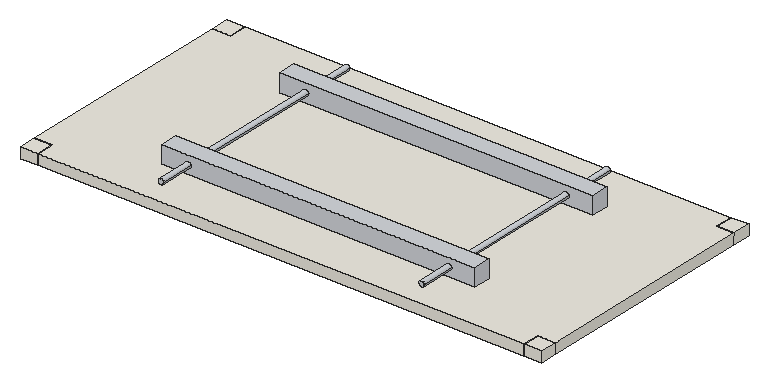
Revit family "LED-PL-CSVT", category Осветительные приборы, Revit 2019 (continued)
Types (9, lengths in mm): name | built-in parameter 1150134 | Файл фотометрической сетки | built-in parameter 1150105 | Lumens | built-in parameter 1150106 | built-in parameter 1150142 | Wattage | built-in parameter 1150107 | Emit from Rectangle Width | Emit from Rectangle Length | Длина | Ширина | L1 | L | ADSK_Ток | ADSK_Полная мощность | ADSK_Обозначение | ADSK_Номинальная мощность | ADSK_Наименование | ADSK_Масса | ADSK_Код изделия
  LED PL-CSVT-18 295x595 х10 (KROKUS) (IP54/IP20, 4000K, белый) | 12 | "Светильник LED-PL-CSVT-18-(295х595).IES" | 135.28 (stored number, unit not read) | 1700 lm | 1.3528 (stored number, unit not read) | "IESNA:LM-63-95\r\n[TEST] Протокол №86\r\n[DATA] 02.08.2016\r\n[MORE] \r\n[MANUFAC] ЗАО \"Центрстройсвет\"\r\n[LUMCAT]  Светильник LED-PL-CSVT-18-(295х595)\r\n[LUMINAIRE]\r\n[LAMPCAT] Светодиоды\r\n[LAMP] Поток источника света (светодиодов) не известен\r\n[MORE] КСС приведена в абсолютных величинах кд\r\n[MORE] Вместо потока лампы, указан поток светильника.\r\nTILT=NONE\r\n1    1680 1.0 37 73 1 2 0.295 0.595 0.010\r\n1.0 1.0 19.8\r\n0.0 5.0 10.0 15.0 20.0 25.0 30.0 35.0 40.0 45.0 50.0 55.0 60.0 65.0 70.0 75.0 80.0 85.0 90.0 95.0 100.0 105.0 110.0 115.0 120.0 125.0 130.0 135.0 140.0 145.0 150.0 155.0 160.0 165.0 170.0 175.0 180.0\r\n0.0 5.0 10.0 15.0 20.0 25.0 30.0 35.0 40.0 45.0 50.0 55.0 60.0 65.0 70.0 75.0 80.0 85.0 90.0 95.0 100.0 105.0 110.0 115.0 120.0 125.0 130.0 135.0 140.0 145.0 150.0 155.0 160.0 165.0 170.0 175.0 180.0 185.0 190.0 195.0 200.0 205.0 210.0 215.0 220.0 225.0 230.0 235.0 240.0 245.0 250.0 255.0 260.0 265.0 270.0 275.0 280.0 285.0 290.0 295.0 300.0 305.0 310.0 315.0 320.0 325.0 330.0 335.0 340.0 345.0 350.0 355.0 360.0\r\n598.8 594.8 584.5 569.0 548.6 523.0 492.1 458.6 424.1 383.3 341.3 298.3 252.3 205.5 159.3 113.1 70.5 33.1 4.6 0.0 0.0 0.0 0.0 0.0 0.0 0.0 0.0 0.0 0.0 0.0 0.0 0.0 0.0 0.0 0.0 0.0 0.0\r\n598.8 595.2 585.3 570.2 548.3 522.0 493.5 460.0 422.7 383.1 340.5 297.3 252.1 205.3 159.2 113.7 70.7 33.1 4.6 0.0 0.0 0.0 0.0 0.0 0.0 0.0 0.0 0.0 0.0 0.0 0.0 0.0 0.0 0.0 0.0 0.0 0.0\r\n598.8 595.5 584.8 569.2 548.6 523.2 493.6 459.3 423.0 382.6 341.8 298.9 252.3 205.8 159.3 113.8 71.0 33.3 4.5 0.0 0.0 0.0 0.0 0.0 0.0 0.0 0.0 0.0 0.0 0.0 0.0 0.0 0.0 0.0 0.0 0.0 0.0\r\n598.8 595.6 584.7 568.8 548.2 523.1 493.1 461.1 423.7 384.9 341.8 298.9 252.5 205.6 159.0 113.5 71.0 32.9 4.4 0.0 0.0 0.0 0.0 0.0 0.0 0.0 0.0 0.0 0.0 0.0 0.0 0.0 0.0 0.0 0.0 0.0 0.0\r\n598.8 595.4 584.7 569.0 547.9 522.2 493.8 461.5 424.3 385.5 342.4 298.9 252.8 205.9 158.7 113.0 70.5 32.7 4.1 0.0 0.0 0.0 0.0 0.0 0.0 0.0 0.0 0.0 0.0 0.0 0.0 0.0 0.0 0.0 0.0 0.0 0.0\r\n598.8 595.2 584.5 568.6 549.0 523.6 495.8 460.9 424.8 384.8 342.5 297.6 252.5 205.0 158.6 113.3 70.2 32.4 3.9 0.0 0.0 0.0 0.0 0.0 0.0 0.0 0.0 0.0 0.0 0.0 0.0 0.0 0.0 0.0 0.0 0.0 0.0\r\n598.8 595.0 585.1 569.9 548.6 526.0 494.9 460.6 423.7 385.8 343.0 298.0 251.9 205.2 158.1 113.1 70.2 32.1 3.9 0.0 0.0 0.0 0.0 0.0 0.0 0.0 0.0 0.0 0.0 0.0 0.0 0.0 0.0 0.0 0.0 0.0 0.0\r\n598.8 595.0 584.7 571.5 550.3 524.1 494.6 460.8 423.4 384.6 342.7 298.0 252.0 204.7 158.1 112.5 70.0 31.9 3.7 0.0 0.0 0.0 0.0 0.0 0.0 0.0 0.0 0.0 0.0 0.0 0.0 0.0 0.0 0.0 0.0 0.0 0.0\r\n598.8 594.9 584.7 569.9 550.4 525.0 494.7 460.9 425.3 385.8 342.2 297.9 251.7 204.8 158.3 112.5 69.7 31.8 3.5 0.0 0.0 0.0 0.0 0.0 0.0 0.0 0.0 0.0 0.0 0.0 0.0 0.0 0.0 0.0 0.0 0.0 0.0\r\n598.8 594.9 584.7 569.7 550.4 524.8 494.7 460.9 425.3 384.1 343.5 297.1 251.5 204.4 157.6 112.6 70.0 31.2 3.3 0.0 0.0 0.0 0.0 0.0 0.0 0.0 0.0 0.0 0.0 0.0 0.0 0.0 0.0 0.0 0.0 0.0 0.0\r\n598.8 594.9 585.4 570.9 550.9 525.2 495.9 461.4 423.6 385.1 342.8 297.8 251.4 204.2 157.9 112.1 69.6 31.2 3.0 0.0 0.0 0.0 0.0 0.0 0.0 0.0 0.0 0.0 0.0 0.0 0.0 0.0 0.0 0.0 0.0 0.0 0.0\r\n598.8 595.0 585.5 571.2 551.5 524.9 494.7 461.2 424.8 384.2 342.4 297.7 251.7 204.1 157.1 112.5 69.6 30.9 2.9 0.0 0.0 0.0 0.0 0.0 0.0 0.0 0.0 0.0 0.0 0.0 0.0 0.0 0.0 0.0 0.0 0.0 0.0\r\n598.8 594.9 585.2 571.3 550.4 525.5 497.2 462.9 426.0 385.0 342.2 296.8 252.2 205.5 157.2 111.9 69.7 30.7 2.8 0.0 0.0 0.0 0.0 0.0 0.0 0.0 0.0 0.0 0.0 0.0 0.0 0.0 0.0 0.0 0.0 0.0 0.0\r\n598.8 594.9 585.2 571.8 551.1 525.0 496.2 462.5 424.8 386.6 343.1 298.4 251.6 205.2 157.6 111.8 69.7 30.3 2.7 0.0 0.0 0.0 0.0 0.0 0.0 0.0 0.0 0.0 0.0 0.0 0.0 0.0 0.0 0.0 0.0 0.0 0.0\r\n598.8 595.2 585.8 572.4 551.2 527.1 496.5 462.5 425.3 385.1 342.8 298.0 252.3 204.8 157.7 111.7 69.5 30.0 2.7 0.0 0.0 0.0 0.0 0.0 0.0 0.0 0.0 0.0 0.0 0.0 0.0 0.0 0.0 0.0 0.0 0.0 0.0\r\n598.8 595.6 587.0 572.4 551.5 525.2 496.2 463.1 426.4 385.3 342.9 297.7 251.8 205.1 157.7 111.8 69.2 30.0 2.3 0.0 0.0 0.0 0.0 0.0 0.0 0.0 0.0 0.0 0.0 0.0 0.0 0.0 0.0 0.0 0.0 0.0 0.0\r\n598.8 595.8 587.6 573.6 551.1 526.4 496.9 462.5 425.3 386.9 343.8 298.1 251.4 205.5 157.5 111.9 68.9 29.9 1.8 0.0 0.0 0.0 0.0 0.0 0.0 0.0 0.0 0.0 0.0 0.0 0.0 0.0 0.0 0.0 0.0 0.0 0.0\r\n598.8 596.0 587.2 573.2 552.0 526.6 496.8 463.3 425.6 386.0 343.7 298.4 251.6 205.1 157.0 111.4 68.9 29.6 1.7 0.0 0.0 0.0 0.0 0.0 0.0 0.0 0.0 0.0 0.0 0.0 0.0 0.0 0.0 0.0 0.0 0.0 0.0\r\n598.8 596.1 587.5 572.5 552.9 527.1 497.6 464.5 426.8 385.4 344.8 298.9 252.3 206.0 157.1 111.0 68.8 29.2 1.7 0.0 0.0 0.0 0.0 0.0 0.0 0.0 0.0 0.0 0.0 0.0 0.0 0.0 0.0 0.0 0.0 0.0 0.0\r\n598.8 596.3 587.8 572.7 552.3 528.3 496.9 464.4 427.2 385.9 344.4 298.2 251.7 204.9 156.6 111.0 68.1 28.9 1.2 0.0 0.0 0.0 0.0 0.0 0.0 0.0 0.0 0.0 0.0 0.0 0.0 0.0 0.0 0.0 0.0 0.0 0.0\r\n598.8 596.4 589.0 573.0 553.9 527.4 497.4 463.9 425.4 386.5 344.2 298.1 251.7 204.4 156.3 110.6 67.7 28.3 1.2 0.0 0.0 0.0 0.0 0.0 0.0 0.0 0.0 0.0 0.0 0.0 0.0 0.0 0.0 0.0 0.0 0.0 0.0\r\n598.8 596.4 589.4 572.9 552.6 527.7 498.1 464.4 427.5 387.5 343.1 297.8 251.6 204.6 156.2 109.9 67.1 27.6 1.4 0.0 0.0 0.0 0.0 0.0 0.0 0.0 0.0 0.0 0.0 0.0 0.0 0.0 0.0 0.0 0.0 0.0 0.0\r\n598.8 596.6 589.1 573.6 553.5 528.2 499.1 463.7 427.4 387.7 344.1 298.2 251.7 204.1 155.7 109.4 66.7 27.2 1.2 0.0 0.0 0.0 0.0 0.0 0.0 0.0 0.0 0.0 0.0 0.0 0.0 0.0 0.0 0.0 0.0 0.0 0.0\r\n598.8 596.8 589.8 574.5 554.4 529.0 498.3 466.1 428.9 388.7 345.0 299.7 252.1 204.0 155.4 109.4 66.1 26.8 1.0 0.0 0.0 0.0 0.0 0.0 0.0 0.0 0.0 0.0 0.0 0.0 0.0 0.0 0.0 0.0 0.0 0.0 0.0\r\n598.8 597.3 590.2 574.2 553.1 530.5 500.5 466.1 426.7 387.9 344.5 299.0 251.1 203.8 155.6 108.5 65.4 26.2 1.0 0.0 0.0 0.0 0.0 0.0 0.0 0.0 0.0 0.0 0.0 0.0 0.0 0.0 0.0 0.0 0.0 0.0 0.0\r\n598.8 597.7 590.8 576.5 554.7 529.6 500.8 466.6 428.7 387.7 346.2 298.8 251.4 203.4 154.5 108.2 65.2 26.0 0.9 0.0 0.0 0.0 0.0 0.0 0.0 0.0 0.0 0.0 0.0 0.0 0.0 0.0 0.0 0.0 0.0 0.0 0.0\r\n598.8 598.1 591.8 576.6 555.8 530.8 500.5 468.0 430.6 388.6 345.1 298.6 251.7 203.3 154.6 108.0 64.5 25.9 0.6 0.0 0.0 0.0 0.0 0.0 0.0 0.0 0.0 0.0 0.0 0.0 0.0 0.0 0.0 0.0 0.0 0.0 0.0\r\n598.8 598.3 592.5 576.5 556.1 531.3 500.9 466.7 430.1 390.1 344.8 299.4 251.4 203.3 154.6 108.3 63.8 25.5 0.6 0.0 0.0 0.0 0.0 0.0 0.0 0.0 0.0 0.0 0.0 0.0 0.0 0.0 0.0 0.0 0.0 0.0 0.0\r\n598.8 598.5 593.2 578.2 556.5 532.1 502.8 468.0 431.5 389.3 345.6 299.8 251.5 203.9 154.7 107.7 63.4 25.2 0.8 0.0 0.0 0.0 0.0 0.0 0.0 0.0 0.0 0.0 0.0 0.0 0.0 0.0 0.0 0.0 0.0 0.0 0.0\r\n598.8 598.7 593.3 577.9 558.2 532.3 502.2 468.8 431.5 389.9 345.3 300.2 251.6 203.7 154.2 107.4 63.7 25.0 0.9 0.0 0.0 0.0 0.0 0.0 0.0 0.0 0.0 0.0 0.0 0.0 0.0 0.0 0.0 0.0 0.0 0.0 0.0\r\n598.8 599.1 593.3 577.9 557.7 533.9 503.7 469.2 430.5 391.0 346.7 299.7 252.6 203.3 154.3 107.0 63.3 24.8 0.9 0.0 0.0 0.0 0.0 0.0 0.0 0.0 0.0 0.0 0.0 0.0 0.0 0.0 0.0 0.0 0.0 0.0 0.0\r\n598.8 599.4 593.5 578.3 559.3 533.1 503.4 469.8 432.7 391.5 347.8 300.5 252.1 203.4 154.7 107.4 63.1 24.9 0.8 0.0 0.0 0.0 0.0 0.0 0.0 0.0 0.0 0.0 0.0 0.0 0.0 0.0 0.0 0.0 0.0 0.0 0.0\r\n598.8 599.5 593.5 579.9 560.4 535.5 504.9 471.6 433.3 392.1 347.4 301.6 253.2 202.9 154.7 107.6 63.2 24.7 0.9 0.0 0.0 0.0 0.0 0.0 0.0 0.0 0.0 0.0 0.0 0.0 0.0 0.0 0.0 0.0 0.0 0.0 0.0\r\n598.8 599.5 593.3 580.8 561.3 535.7 506.6 471.4 436.0 394.2 348.8 301.9 254.1 204.3 154.8 107.5 63.1 24.9 0.8 0.0 0.0 0.0 0.0 0.0 0.0 0.0 0.0 0.0 0.0 0.0 0.0 0.0 0.0 0.0 0.0 0.0 0.0\r\n598.8 599.3 593.1 579.9 561.2 536.6 506.3 472.9 434.7 393.6 349.4 302.4 254.9 205.1 156.2 107.8 63.3 25.1 0.9 0.0 0.0 0.0 0.0 0.0 0.0 0.0 0.0 0.0 0.0 0.0 0.0 0.0 0.0 0.0 0.0 0.0 0.0\r\n598.8 599.3 594.3 580.9 560.8 536.6 507.4 474.4 436.0 394.1 349.7 302.4 254.8 205.8 155.9 107.9 63.1 24.9 1.1 0.0 0.0 0.0 0.0 0.0 0.0 0.0 0.0 0.0 0.0 0.0 0.0 0.0 0.0 0.0 0.0 0.0 0.0\r\n598.8 599.3 594.5 581.4 561.4 537.0 508.0 473.3 436.5 393.5 350.2 304.2 255.0 205.9 156.3 107.8 63.1 24.8 1.1 0.0 0.0 0.0 0.0 0.0 0.0 0.0 0.0 0.0 0.0 0.0 0.0 0.0 0.0 0.0 0.0 0.0 0.0\r\n598.8 599.1 593.9 580.8 562.4 537.3 508.6 473.7 436.2 395.9 349.8 303.5 254.7 205.7 156.3 107.9 63.2 24.7 1.1 0.0 0.0 0.0 0.0 0.0 0.0 0.0 0.0 0.0 0.0 0.0 0.0 0.0 0.0 0.0 0.0 0.0 0.0\r\n598.8 598.7 593.3 582.0 561.8 538.1 508.6 474.9 436.7 395.6 349.5 303.1 254.9 204.6 155.9 107.7 62.9 24.5 1.3 0.0 0.0 0.0 0.0 0.0 0.0 0.0 0.0 0.0 0.0 0.0 0.0 0.0 0.0 0.0 0.0 0.0 0.0\r\n598.8 598.4 593.3 580.3 562.2 538.7 507.4 472.9 435.1 393.7 349.8 303.3 254.5 205.3 155.8 108.1 63.2 24.9 1.3 0.0 0.0 0.0 0.0 0.0 0.0 0.0 0.0 0.0 0.0 0.0 0.0 0.0 0.0 0.0 0.0 0.0 0.0\r\n598.8 598.4 593.6 581.4 561.5 537.4 508.6 474.8 434.5 394.8 349.7 303.5 255.0 205.5 156.3 108.4 63.6 25.2 1.3 0.0 0.0 0.0 0.0 0.0 0.0 0.0 0.0 0.0 0.0 0.0 0.0 0.0 0.0 0.0 0.0 0.0 0.0\r\n598.8 598.6 593.0 581.3 561.7 536.4 506.6 473.5 435.6 394.1 350.3 303.1 254.5 205.3 156.6 109.1 64.2 25.6 1.3 0.0 0.0 0.0 0.0 0.0 0.0 0.0 0.0 0.0 0.0 0.0 0.0 0.0 0.0 0.0 0.0 0.0 0.0\r\n598.8 598.7 592.3 580.0 560.5 536.9 506.6 471.7 434.4 393.4 349.9 303.7 255.6 205.7 156.8 109.4 65.0 25.8 1.4 0.0 0.0 0.0 0.0 0.0 0.0 0.0 0.0 0.0 0.0 0.0 0.0 0.0 0.0 0.0 0.0 0.0 0.0\r\n598.8 598.7 592.5 580.1 560.4 534.7 505.9 472.0 435.8 393.7 350.1 304.1 255.8 206.5 157.3 109.6 65.5 26.5 1.5 0.0 0.0 0.0 0.0 0.0 0.0 0.0 0.0 0.0 0.0 0.0 0.0 0.0 0.0 0.0 0.0 0.0 0.0\r\n598.8 598.6 591.9 579.0 559.6 534.9 505.0 471.8 434.4 394.6 348.9 303.8 255.3 207.0 157.1 110.6 66.4 26.9 1.6 0.0 0.0 0.0 0.0 0.0 0.0 0.0 0.0 0.0 0.0 0.0 0.0 0.0 0.0 0.0 0.0 0.0 0.0\r\n598.8 598.4 591.7 578.5 559.1 535.7 505.7 472.2 434.4 392.6 348.4 304.3 256.0 207.2 158.3 110.6 66.7 27.6 1.6 0.0 0.0 0.0 0.0 0.0 0.0 0.0 0.0 0.0 0.0 0.0 0.0 0.0 0.0 0.0 0.0 0.0 0.0\r\n598.8 598.2 591.6 577.5 558.8 534.0 505.2 471.6 434.4 392.9 351.0 303.8 255.8 208.1 158.6 111.8 67.7 28.0 1.9 0.0 0.0 0.0 0.0 0.0 0.0 0.0 0.0 0.0 0.0 0.0 0.0 0.0 0.0 0.0 0.0 0.0 0.0\r\n598.8 598.0 591.2 577.8 558.4 533.1 503.8 471.9 434.2 393.7 350.1 304.1 256.2 207.7 159.6 112.1 68.2 28.7 2.0 0.0 0.0 0.0 0.0 0.0 0.0 0.0 0.0 0.0 0.0 0.0 0.0 0.0 0.0 0.0 0.0 0.0 0.0\r\n598.8 597.9 591.4 576.9 558.8 533.9 505.0 470.3 434.3 393.3 349.7 304.5 257.3 208.7 159.8 112.6 69.1 29.3 2.1 0.0 0.0 0.0 0.0 0.0 0.0 0.0 0.0 0.0 0.0 0.0 0.0 0.0 0.0 0.0 0.0 0.0 0.0\r\n598.8 597.9 591.0 576.1 558.0 532.9 503.5 471.0 433.5 393.1 349.7 305.1 257.1 209.4 160.3 113.5 70.3 29.5 2.5 0.0 0.0 0.0 0.0 0.0 0.0 0.0 0.0 0.0 0.0 0.0 0.0 0.0 0.0 0.0 0.0 0.0 0.0\r\n598.8 597.7 590.6 575.8 556.3 532.6 503.2 470.1 433.6 392.2 350.2 303.7 256.4 208.8 160.5 113.7 70.8 30.5 2.7 0.0 0.0 0.0 0.0 0.0 0.0 0.0 0.0 0.0 0.0 0.0 0.0 0.0 0.0 0.0 0.0 0.0 0.0\r\n598.8 597.6 590.6 576.2 557.1 531.6 502.2 469.0 432.6 393.0 350.8 304.9 257.5 210.3 162.0 113.9 71.5 31.3 2.8 0.0 0.0 0.0 0.0 0.0 0.0 0.0 0.0 0.0 0.0 0.0 0.0 0.0 0.0 0.0 0.0 0.0 0.0\r\n598.8 597.3 590.2 576.7 555.9 531.1 503.3 469.2 432.2 393.5 349.4 304.2 257.2 210.2 162.2 114.3 72.0 31.8 3.0 0.0 0.0 0.0 0.0 0.0 0.0 0.0 0.0 0.0 0.0 0.0 0.0 0.0 0.0 0.0 0.0 0.0 0.0\r\n598.8 597.1 589.5 575.8 556.4 531.5 500.9 469.3 432.9 391.3 349.1 303.6 256.7 210.4 162.3 115.4 72.6 32.0 3.3 0.0 0.0 0.0 0.0 0.0 0.0 0.0 0.0 0.0 0.0 0.0 0.0 0.0 0.0 0.0 0.0 0.0 0.0\r\n598.8 597.1 589.6 575.3 556.3 530.6 502.8 468.8 431.1 390.8 348.9 305.3 257.7 210.2 163.2 115.3 73.3 32.5 3.5 0.0 0.0 0.0 0.0 0.0 0.0 0.0 0.0 0.0 0.0 0.0 0.0 0.0 0.0 0.0 0.0 0.0 0.0\r\n598.8 597.1 589.4 575.7 555.0 529.9 500.9 468.6 433.6 391.2 348.1 304.9 256.6 210.0 162.4 115.7 73.2 33.1 3.5 0.0 0.0 0.0 0.0 0.0 0.0 0.0 0.0 0.0 0.0 0.0 0.0 0.0 0.0 0.0 0.0 0.0 0.0\r\n598.8 596.9 589.1 575.3 555.0 529.0 501.2 467.9 430.7 390.5 348.6 304.5 256.7 209.9 163.2 115.7 73.5 33.2 3.6 0.0 0.0 0.0 0.0 0.0 0.0 0.0 0.0 0.0 0.0 0.0 0.0 0.0 0.0 0.0 0.0 0.0 0.0\r\n598.8 596.6 588.9 574.0 554.1 529.3 499.8 467.3 430.1 390.3 347.4 303.1 256.7 210.3 162.2 116.1 73.3 33.3 3.8 0.0 0.0 0.0 0.0 0.0 0.0 0.0 0.0 0.0 0.0 0.0 0.0 0.0 0.0 0.0 0.0 0.0 0.0\r\n598.8 596.6 588.7 574.2 554.6 530.6 500.4 466.1 429.8 390.5 347.4 302.8 256.6 210.7 162.5 115.7 73.4 33.4 3.9 0.0 0.0 0.0 0.0 0.0 0.0 0.0 0.0 0.0 0.0 0.0 0.0 0.0 0.0 0.0 0.0 0.0 0.0\r\n598.8 596.8 588.4 574.2 553.9 528.3 499.5 466.8 429.5 389.1 347.0 303.4 256.2 209.1 162.4 115.4 73.3 33.6 4.0 0.0 0.0 0.0 0.0 0.0 0.0 0.0 0.0 0.0 0.0 0.0 0.0 0.0 0.0 0.0 0.0 0.0 0.0\r\n598.8 596.7 588.0 573.3 553.0 528.7 499.8 465.0 428.2 388.6 347.2 302.0 255.2 208.9 161.7 115.9 73.3 33.3 4.2 0.0 0.0 0.0 0.0 0.0 0.0 0.0 0.0 0.0 0.0 0.0 0.0 0.0 0.0 0.0 0.0 0.0 0.0\r\n598.8 596.0 587.3 574.5 553.4 528.2 497.3 465.1 427.8 390.0 346.3 302.0 256.1 208.5 161.1 115.8 73.0 33.4 4.3 0.0 0.0 0.0 0.0 0.0 0.0 0.0 0.0 0.0 0.0 0.0 0.0 0.0 0.0 0.0 0.0 0.0 0.0\r\n598.8 595.3 587.1 572.7 553.4 528.2 497.9 464.6 427.6 387.0 347.2 301.3 255.1 208.1 161.0 115.5 73.0 33.2 4.2 0.0 0.0 0.0 0.0 0.0 0.0 0.0 0.0 0.0 0.0 0.0 0.0 0.0 0.0 0.0 0.0 0.0 0.0\r\n598.8 595.0 586.9 571.7 551.3 527.6 497.5 465.1 428.0 387.2 346.6 301.5 254.6 208.9 161.3 115.4 72.7 33.7 4.1 0.0 0.0 0.0 0.0 0.0 0.0 0.0 0.0 0.0 0.0 0.0 0.0 0.0 0.0 0.0 0.0 0.0 0.0\r\n598.8 595.2 586.4 571.8 552.1 525.7 496.7 464.0 426.9 388.1 345.0 299.9 255.2 208.2 161.0 114.9 72.5 33.5 4.3 0.0 0.0 0.0 0.0 0.0 0.0 0.0 0.0 0.0 0.0 0.0 0.0 0.0 0.0 0.0 0.0 0.0 0.0\r\n598.8 595.4 585.8 571.4 551.5 526.4 496.0 463.3 426.6 386.5 344.4 300.0 254.8 207.7 160.3 115.2 72.1 33.3 4.4 0.0 0.0 0.0 0.0 0.0 0.0 0.0 0.0 0.0 0.0 0.0 0.0 0.0 0.0 0.0 0.0 0.0 0.0\r\n598.8 595.4 585.4 571.1 549.9 525.6 497.1 463.4 426.7 387.2 344.9 300.2 254.4 207.5 159.8 114.7 71.9 33.3 4.4 0.0 0.0 0.0 0.0 0.0 0.0 0.0 0.0 0.0 0.0 0.0 0.0 0.0 0.0 0.0 0.0 0.0 0.0\r\n598.8 595.4 585.4 570.3 550.0 523.8 495.5 463.5 426.3 386.3 344.1 300.2 253.8 206.5 160.4 114.4 71.4 33.1 4.5 0.0 0.0 0.0 0.0 0.0 0.0 0.0 0.0 0.0 0.0 0.0 0.0 0.0 0.0 0.0 0.0 0.0 0.0\r\n598.8 595.5 585.5 569.7 548.7 524.6 493.8 462.4 425.9 385.5 343.1 299.7 252.6 207.0 159.8 114.3 71.0 33.1 4.5 0.0 0.0 0.0 0.0 0.0 0.0 0.0 0.0 0.0 0.0 0.0 0.0 0.0 0.0 0.0 0.0 0.0 0.0\r\n598.8 595.5 585.1 569.8 548.3 523.0 492.6 459.1 423.8 384.1 343.0 298.7 252.7 206.7 159.6 113.7 71.0 32.9 4.5 0.0 0.0 0.0 0.0 0.0 0.0 0.0 0.0 0.0 0.0 0.0 0.0 0.0 0.0 0.0 0.0 0.0 0.0\r\n598.8 595.1 585.2 569.3 549.0 523.7 494.0 461.2 423.3 383.0 342.7 297.6 251.4 205.6 158.6 113.5 70.8 32.7 4.4 0.0 0.0 0.0 0.0 0.0 0.0 0.0 0.0 0.0 0.0 0.0 0.0 0.0 0.0 0.0 0.0 0.0 0.0\r\n598.8 594.8 585.2 569.6 548.2 523.5 494.0 458.7 423.3 382.6 340.7 297.1 250.5 205.9 159.0 113.1 70.5 32.9 4.6 0.0 0.0 0.0 0.0 0.0 0.0 0.0 0.0 0.0 0.0 0.0 0.0 0.0 0.0 0.0 0.0 0.0 0.0\r\n598.8 594.8 584.5 569.0 548.6 523.0 492.1 458.6 424.1 383.3 341.3 298.3 252.3 205.5 159.3 113.1 70.5 33.1 4.6 0.0 0.0 0.0 0.0 0.0 0.0 0.0 0.0 0.0 0.0 0.0 0.0 0.0 0.0 0.0 0.0 0.0 0.0\r\n" | 11.4446 W | 4000 (stored number, unit not read) | 255 | 555 | 595 | 295 | 147.5 | 297.5 | 0.0850662 A | 19.5652 VA | "LED PL-CSVT-18 295x595 х10 (KROKUS) (IP54/IP20, 4000K, белый)" | 18 W | "Ультратонкая светодиодная панель LED PL-CSVT-18 295x595 х10 (KROKUS) (IP54/IP20, 4000K, белый)" | 1.8 | "ЦБ000007513"
